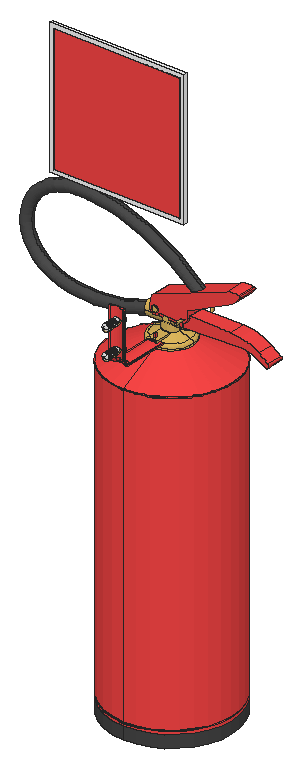
Revit family "Extintor Portátil - ABC", category Equipamento mecânico, Revit 2026 (continued)
Definition of nested family "Placa de Sinalização - E5 - 8m"
  Definition of nested family "S4"
    Automatic sketch dimensions
      Extrusion 4 sketch curve to Extrusion 4 sketch curve = 1.7184 cm
      Extrusion 4 sketch curve to Extrusion 4 sketch curve = 1.1521 cm
      Extrusion 4 sketch curve to Extrusion 4 sketch curve = 1.3603 cm
      Extrusion 4 sketch curve to Extrusion 4 sketch curve = 2.8578 cm
      Extrusion 4 sketch curve to Extrusion 4 sketch curve = 1.0546 cm
      Extrusion 4 sketch curve to Extrusion 4 sketch curve = 0.9316 cm
      Extrusion 4 sketch curve to Extrusion 4 sketch curve = 1.3492 cm
      Extrusion 4 sketch curve to Extrusion 4 sketch curve = 1.3257 cm
      Extrusion 4 sketch curve to Extrusion 4 sketch curve = 1.252 cm
      Extrusion 4 sketch curve to Extrusion 4 sketch curve = 0.3419 cm
      Extrusion 4 sketch curve to Extrusion 4 sketch curve = 1.3232 cm
      Extrusion 4 sketch curve to Extrusion 4 sketch curve = 2.00 cm
      Extrusion 3 sketch curve to Extrusion 3 sketch curve = 29.70 cm
      Extrusion 3 sketch curve to Extrusion 3 sketch curve = 0.00 cm
      Extrusion 3 sketch curve to Extrusion 3 sketch curve = 13.90 cm
      Extrusion 4 sketch curve to Extrusion 4 sketch curve = 1.9733 cm
      Extrusion 4 sketch curve to Extrusion 4 sketch curve = 4.4244 cm
      Extrusion 4 sketch curve to Extrusion 4 sketch curve = 0.2707 cm
      Extrusion 4 sketch curve to Extrusion 4 sketch curve = 2.8631 cm
      Extrusion 4 sketch curve to Extrusion 4 sketch curve = 2.2981 cm
      Extrusion 4 sketch curve to Extrusion 4 sketch curve = 0.3299 cm
      Extrusion 4 sketch curve to Extrusion 4 sketch curve = 2.1092 cm
      Extrusion 4 sketch curve to Extrusion 4 sketch curve = 0.6081 cm
      Extrusion 4 sketch curve to Extrusion 4 sketch curve = 3.1701 cm
      Sweep 7 sketch curve to profile plane = 0.00 cm
      profile plane to Sweep 7 sketch curve = 0.00 cm
      Sweep 7 sketch curve to Sweep 7 sketch curve = 0.50 cm
      curve 25 to curve 25 = 15.80 cm
      curve 26 to curve 26 = 15.80 cm
      Extrusion 1 sketch curve to Extrusion 1 sketch curve = 0.45 cm  (x3)
      Extrusion 1 sketch curve to Extrusion 1 sketch curve = 16.00 cm  (x3)
      Extrusion 6 sketch curve to Extrusion 6 sketch curve = 0.45 cm  (x3)
      Extrusion 6 sketch curve to Extrusion 6 sketch curve = 16.00 cm  (x3)
      Extrusion 8 sketch curve to Extrusion 8 sketch curve = 0.2498 cm
      Extrusion 8 sketch curve to Extrusion 8 sketch curve = 0.4268 cm
      Extrusion 8 sketch curve to Extrusion 8 sketch curve = 0.1341 cm
      Extrusion 8 sketch curve to Extrusion 8 sketch curve = 1.0784 cm
      Extrusion 8 sketch curve to Extrusion 8 sketch curve = 2.2733 cm
      Extrusion 8 sketch curve to Extrusion 8 sketch curve = 0.1002 cm
      Extrusion 8 sketch curve to Extrusion 8 sketch curve = 0.7251 cm
      Extrusion 8 sketch curve to Extrusion 8 sketch curve = 1.8888 cm
      Extrusion 8 sketch curve to Extrusion 8 sketch curve = 1.0553 cm
      Extrusion 8 sketch curve to Extrusion 8 sketch curve = 2.6742 cm
      Extrusion 8 sketch curve to Extrusion 8 sketch curve = 1.1181 cm
      Extrusion 8 sketch curve to Extrusion 8 sketch curve = 1.6333 cm
      Extrusion 8 sketch curve to Extrusion 8 sketch curve = 0.6913 cm
      Extrusion 8 sketch curve to Extrusion 8 sketch curve = 0.1145 cm  (x2)
      Extrusion 8 sketch curve to Extrusion 8 sketch curve = 2.7212 cm
      Extrusion 8 sketch curve to Extrusion 8 sketch curve = 9.6425 cm
      Extrusion 8 sketch curve to Extrusion 8 sketch curve = 0.0153 cm
      Extrusion 8 sketch curve to Extrusion 8 sketch curve = 1.4679 cm
      Extrusion 8 sketch curve to Extrusion 8 sketch curve = 0.6308 cm
      Extrusion 8 sketch curve to Extrusion 8 sketch curve = 0.7245 cm
      Extrusion 8 sketch curve to Extrusion 8 sketch curve = 1.3744 cm
      Extrusion 8 sketch curve to Extrusion 8 sketch curve = 1.3741 cm
      Extrusion 8 sketch curve to Extrusion 8 sketch curve = 0.5621 cm
      Extrusion 8 sketch curve to Extrusion 8 sketch curve = 1.1242 cm
      Extrusion 8 sketch curve to Extrusion 8 sketch curve = 0.4436 cm
      Extrusion 9 sketch curve to Extrusion 9 sketch curve = 0.2498 cm
      Extrusion 9 sketch curve to Extrusion 9 sketch curve = 0.4268 cm
      Extrusion 9 sketch curve to Extrusion 9 sketch curve = 0.1341 cm
      Extrusion 9 sketch curve to Extrusion 9 sketch curve = 1.0784 cm
      Extrusion 9 sketch curve to Extrusion 9 sketch curve = 2.2733 cm
      Extrusion 9 sketch curve to Extrusion 9 sketch curve = 0.1002 cm
      Extrusion 9 sketch curve to Extrusion 9 sketch curve = 0.7251 cm
      Extrusion 9 sketch curve to Extrusion 9 sketch curve = 1.8888 cm
      Extrusion 9 sketch curve to Extrusion 9 sketch curve = 1.0553 cm
      Extrusion 9 sketch curve to Extrusion 9 sketch curve = 2.6742 cm
      Extrusion 9 sketch curve to Extrusion 9 sketch curve = 1.1181 cm
      Extrusion 9 sketch curve to Extrusion 9 sketch curve = 1.6333 cm
      Extrusion 9 sketch curve to Extrusion 9 sketch curve = 0.6913 cm
      Extrusion 9 sketch curve to Extrusion 9 sketch curve = 0.1145 cm  (x2)
      Extrusion 9 sketch curve to Extrusion 9 sketch curve = 2.7212 cm
      Extrusion 9 sketch curve to Extrusion 9 sketch curve = 9.6425 cm
      Extrusion 9 sketch curve to Extrusion 9 sketch curve = 0.0153 cm
      Extrusion 9 sketch curve to Extrusion 9 sketch curve = 1.4679 cm
      Extrusion 9 sketch curve to Extrusion 9 sketch curve = 0.6308 cm
      Extrusion 9 sketch curve to Extrusion 9 sketch curve = 0.7245 cm
      Extrusion 9 sketch curve to Extrusion 9 sketch curve = 1.3744 cm
      Extrusion 9 sketch curve to Extrusion 9 sketch curve = 1.3741 cm
      Extrusion 9 sketch curve to Extrusion 9 sketch curve = 0.5621 cm
      Extrusion 9 sketch curve to Extrusion 9 sketch curve = 1.1242 cm
      Extrusion 9 sketch curve to Extrusion 9 sketch curve = 0.4436 cm
      radius of Extrusion 4 sketch curve = 1.1482 cm
Definition of nested family "CARGA DE PÓ ABC"
  Parameters (values of type "CARGA DE PÓ ABC 1-100")
    Esc. Símbolo - 1/100~200 [instance] = yes
    Desloc. Frente [instance] = 0.00 cm
  Reference planes (cm)
    plane 1: y = 0
    plane 2: x = 0
  Lines and regions (cm)
    Filled region 1, type "Extintores de incêndio"
      outline origin (0.1105, -0.0637, 0) x (1, 0, 0) y (0, 1, 0)
        loop
          line (-0.2005, 0.3267) -> (-0.2005, 0.1467) -> (-0.0205, 0.1467) -> (-0.0205, 0.3267) -> (-0.2005, 0.3267)
    Masking region 1
      outline origin (0, 0, 0) x (1, 0, 0) y (0, 1, 0)
        loop
          line (-0.3, 0) -> (0.3, 0) -> (0, 0.5196) -> (-0.3, 0)
        loop
          line (-0.09, 0.263) -> (-0.09, 0.083) -> (0.09, 0.083) -> (0.09, 0.263) -> (-0.09, 0.263)
    Filled region 2, type "Extintores de incêndio", not visible
      outline origin (0.1105, -0.0637, 0) x (1, 0, 0) y (0, 1, 0)
        loop
          line (-0.2005, 0.3267) -> (-0.2005, 0.1467) -> (-0.0205, 0.1467) -> (-0.0205, 0.3267) -> (-0.2005, 0.3267)
    Masking region 2, not visible
      outline origin (0, 0, 0) x (1, 0, 0) y (0, 1, 0)
        loop
          line (-0.3, 0) -> (0.3, 0) -> (0, 0.5196) -> (-0.3, 0)
        loop
          line (-0.09, 0.263) -> (-0.09, 0.083) -> (0.09, 0.083) -> (0.09, 0.263) -> (-0.09, 0.263)
    detail lines
      curve 1: line (0.3, 0, 0) -> (-0.3, 0, 0)
      curve 2: line (-0.3, 0, 0) -> (0, 0.5196, 0)
      curve 3: line (0.3, 0, 0) -> (0, 0.5196, 0)
      curve 4: line (-0.09, 0.263, 0) -> (0.09, 0.263, 0)
      curve 5: line (-0.09, 0.083, 0) -> (-0.09, 0.263, 0)
      curve 6: line (0.09, 0.083, 0) -> (-0.09, 0.083, 0)
      curve 7: line (0.09, 0.263, 0) -> (0.09, 0.083, 0)
    detail lines, not visible
      curve 8: line (0.3, 0, 0) -> (-0.3, 0, 0)
      curve 9: line (-0.3, 0, 0) -> (0, 0.5196, 0)
      curve 10: line (0.3, 0, 0) -> (0, 0.5196, 0)
      curve 11: line (-0.09, 0.263, 0) -> (0.09, 0.263, 0)
      curve 12: line (-0.09, 0.083, 0) -> (-0.09, 0.263, 0)
      curve 13: line (0.09, 0.083, 0) -> (-0.09, 0.083, 0)
      curve 14: line (0.09, 0.263, 0) -> (0.09, 0.083, 0)
  Dimensions and locks (cm)
    "Desloc. Frente": plane 2 to curve 3
    "Desloc. Frente": plane 1 to curve 1
  Automatic sketch dimensions
    Masking region 1 sketch curve to Masking region 1 sketch curve = 0.21 cm  (x2)
    Masking region 1 sketch curve to Masking region 1 sketch curve = 0.18 cm  (x2)
    Masking region 1 sketch curve to Masking region 1 sketch curve = 0.083 cm
    Masking region 1 sketch curve to Masking region 1 sketch curve = 0.09 cm
    Masking region 1 sketch curve to Masking region 1 sketch curve = 0.2566 cm
    curve 1 to curve 4 = 0.21 cm
    curve 4 to curve 2 = 0.09 cm
    curve 4 to curve 7 = 0.18 cm
    curve 6 to curve 1 = 0.21 cm
    curve 1 to curve 6 = 0.083 cm
    curve 5 to curve 5 = 0.18 cm
    curve 4 to curve 2 = 0.2566 cm
    Masking region 2 sketch curve to Masking region 2 sketch curve = 0.21 cm  (x2)
    Masking region 2 sketch curve to Masking region 2 sketch curve = 0.18 cm  (x2)
    Masking region 2 sketch curve to Masking region 2 sketch curve = 0.083 cm
    Masking region 2 sketch curve to Masking region 2 sketch curve = 0.09 cm
    Masking region 2 sketch curve to Masking region 2 sketch curve = 0.2566 cm
    curve 8 to curve 11 = 0.21 cm
    curve 11 to curve 9 = 0.09 cm
    curve 11 to curve 14 = 0.18 cm
    curve 13 to curve 8 = 0.21 cm
    curve 8 to curve 13 = 0.083 cm
    curve 12 to curve 12 = 0.18 cm
    curve 11 to curve 9 = 0.2566 cm
    Filled region 1 sketch curve to Filled region 1 sketch curve = 0.18 cm  (x2)
    Filled region 2 sketch curve to Filled region 2 sketch curve = 0.18 cm  (x2)
Definition of nested family "EXTINTOR - CARGA DE PÓ ABC 1-100 - DF"
  Parameters (values of type "EXTINTOR - CARGA DE PÓ ABC 1-100 - DF")
    Esc. Símbolo - 1/100~200 [instance] = yes
    Desloc. Frente [instance] = 0.00 cm
  Reference planes (cm)
    plane 1: y = 0
    plane 2: x = 0
  Lines and regions (cm)
    Filled region 1, type "Extintores de incêndio", not visible
      outline origin (0, 0, 0) x (1, 0, 0) y (0, 1, 0)
        loop
          line (0, 0.6) -> (0, 0)
          arc (0, 0) -> (0.3, 0.3) -> (0, 0.6) r 0.3
    Filled region 2, type "Extintores de incêndio"
      outline origin (0, 0, 0) x (0, 1, 0) y (-1, 0, 0)
        loop
          arc (0.6, 0) -> (0.3, 0.3) -> (0, 0) r 0.3
          line (0, 0) -> (0.6, 0)
    detail lines
      curve 1: circle (0, 0.3, 0) r 0.3 normal (0, 0, 1)
      curve 2: line (0, 0.6, 0) -> (0, 0, 0)
      curve 6: line (0, 0.3, 0) -> (0.3, 0.3, 0)
    detail lines, not visible
      curve 3: circle (0, 0.3, 0) r 0.3 normal (0, 0, 1)
      curve 4: line (0, 0.6, 0) -> (0, 0, 0)
      curve 5: line (0, 0.3, 0) -> (-0.3, 0.3, 0)
Definition of nested family "EXINTOR - CARGA DE PÓ ABC 1-100 - PE"
  Parameters (values of type "EXINTOR - CARGA DE PÓ ABC 1-100 - PE")
    Esc. Símbolo - 1/100~200 [instance] = yes
    Desloc. Frente [instance] = 0.00 cm
  Reference planes (cm)
    plane 1: y = 0
    plane 2: x = 0
  Lines and regions (cm)
    detail lines
      curve 1: circle (0, 0.3, 0) r 0.3 normal (0, 0, 1)
      curve 2: circle (0, 0.3, 0) r 0.2 normal (0, 0, 1)
      curve 3: line (0, 0.5, 0) -> (0, 0.1, 0)
      curve 4: line (-0.2, 0.3, 0) -> (0.2, 0.3, 0)
    detail lines, not visible
      curve 5: circle (0, 0.3, 0) r 0.3 normal (0, 0, 1)
      curve 6: circle (0, 0.3, 0) r 0.1981 normal (0, 0, 1)
      curve 7: line (0, 0.4981, 0) -> (0, 0.1019, 0)
      curve 8: line (-0.1981, 0.3, 0) -> (0.1981, 0.3, 0)
